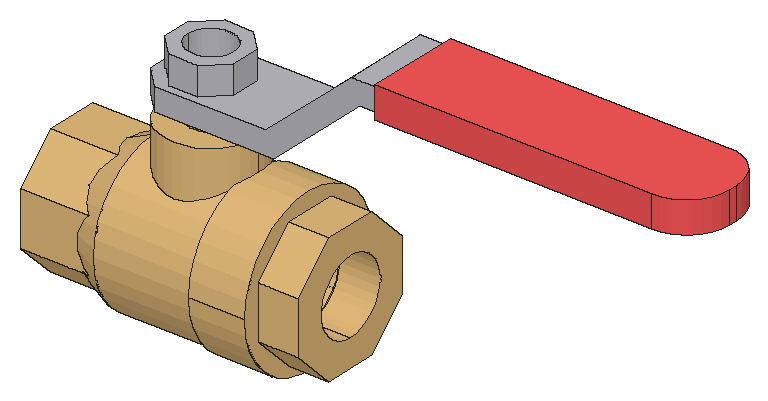
Revit family "420SSHK-Ball-Valve", category Pipe Accessories, Revit 2018
Family settings
  Round Connector Dimension = Use Diameter
  Part Type = Valve - Breaks Into
  OmniClass Number = 23.60.30.11.14
  OmniClass Title = Pipework Fittings
  Work Plane-Based = No
  Always vertical = Yes
  Cut with Voids When Loaded = No
  Shared = No
Parameters
  Weight [instance] = size_lookup(LookupTable, "Weight", "NA", Nominal Diameter)  # "0.3 lbs."
  URL = "http://www.fnw.com"
  Standards Lookup Table = "Standards"  # constant formula
  Product ID [instance] = size_lookup(LookupTable, "ProductID", "NA", Nominal Diameter)  # "989144"
  Pipe Diameter [instance] = size_lookup(Standards Lookup Table, "pipe_dia", 0", Nominal Diameter)  # 0.54"
  Part Number [instance] = size_lookup(LookupTable, "PartNumber", "NA", Nominal Diameter)  # "FNW420B"
  PIpe Radius [instance] = Pipe Diameter / 2  # 0.27"
  NPT Insert [instance] = size_lookup(Standards Lookup Table, "NPT_insert", 0", Nominal Diameter)  # 0.4018"
  Manufacturer = "FNW"  # constant formula
  Description BOM [instance] = size_lookup(LookupTable, "Description_BOM", "NA", Nominal Diameter)  # "Not For Potable Use 1/4 Brass 600# WOG Threaded 2PC"
  1_Z2 [instance] = size_lookup(LookupTable, "1_Z2", 0", Nominal Diameter)  # 0.1644"
  1_Z1 [instance] = size_lookup(LookupTable, "1_Z1", 0", Nominal Diameter)  # 0.5606"
  Z3 [instance] = size_lookup(LookupTable, "Z3", 0", Nominal Diameter)  # 13/64"
  Z2 [instance] = size_lookup(LookupTable, "Z2", 0", Nominal Diameter)  # 0.925"
  Z1 [instance] = size_lookup(LookupTable, "Z1", 0", Nominal Diameter)  # 0.8"
  1_Y1 [instance] = size_lookup(LookupTable, "1_Y1", 0", Nominal Diameter)  # 5/8"
  1_X4 [instance] = size_lookup(LookupTable, "1_X4", 0", Nominal Diameter)  # 0.5094"
  1_X1 [instance] = size_lookup(LookupTable, "1_X1", 0", Nominal Diameter)  # 1.0188"
  1_X3 [instance] = size_lookup(LookupTable, "1_X3", 0", Nominal Diameter)  # 3.78"
  X7 [instance] = size_lookup(LookupTable, "X7", 0", Nominal Diameter)  # 1.01"
  X5 [instance] = size_lookup(LookupTable, "X5", 0", Nominal Diameter)  # 0.30135"
  X4 [instance] = size_lookup(LookupTable, "X4", 0", Nominal Diameter)  # 0.404"
  X3 [instance] = size_lookup(LookupTable, "X3", 0", Nominal Diameter)  # 0.71085"
  X2 [instance] = size_lookup(LookupTable, "X2", 0", Nominal Diameter)  # 0.202"
  1_X2 [instance] = size_lookup(LookupTable, "1_X2", 0", Nominal Diameter)  # 0.5606"
  X1 [instance] = size_lookup(LookupTable, "X1", 0", Nominal Diameter)  # 0.4018"
  Show Lever Clearance [instance] = no
  R3 [instance] = size_lookup(LookupTable, "R3", 0", Nominal Diameter)  # 0.58125"
  R2 [instance] = size_lookup(LookupTable, "R2", 0", Nominal Diameter)  # 0.558"
  R1_Diam [instance] = R1 * 2  # 0.93"
  R1 [instance] = size_lookup(LookupTable, "R1", 0", Nominal Diameter)  # 0.465"
  Nominal Radius [instance] = Nominal Diameter / 2  # 1/8"
  Nominal Diameter [instance] = 1/4"
  LookupTable = "420SSHK-Ball-Valve"  # constant formula
  HexAngle1 [instance] = 135.00°
  D3 [instance] = size_lookup(LookupTable, "D3", 0", Nominal Diameter)  # 1/2"
  D2 [instance] = size_lookup(LookupTable, "D2", 0", Nominal Diameter)  # 5/16"
  D1 [instance] = size_lookup(LookupTable, "D1", 0", Nominal Diameter)  # 0.69"
Reference planes (in)
  plane 1 "Center (Front/Back)": y = 0
  plane 2: z = 0
  plane 3 "Center (Left/Right)": x = 0
  plane 4 "X7 End": x = -1.01
  plane 5 "D1 Top": z = 0.8
  plane 6 "D2 Top": z = 0.925
  plane 7: x = -0.6082
  plane 8: x = -0.4062
  plane 9: x = 0.30465
  plane 10 "Face EXT": x = 0.70865
  plane 11: x = 1.01
  plane 12 "R3 Top": z = 0.58125
  plane 13 "R2 Top": z = 0.558
  plane 14 "R1 Top": z = 0.465
  plane 15: x = 1.14
  plane 16 "Pipe radius": z = 0.27
  plane 17 "NPT": x = -0.6082
  plane 18 "NPT 2": x = 0.6082
Forms (in)
  Extrusion 1, solid, material "Brass"
    sketch origin (0, 0, 0) x (1, 0, 0) y (0, 1, 0)
      loop
        circle (0, 0) r 0.15625
    from 0.8 to 0.925
  Revolve 2, solid, material "Brass"
    sketch origin (0, 0, 0) x (1, 0, 0) y (0, 0, 1)
      loop
        line (-0.6082, 0.465) -> (-0.6082, 0.27) -> (0.30465, 0.27) -> (0.30465, 0.558) -> (-0.4062, 0.558) -> (-0.6082, 0.465)
      axis (0.30465, 0) -> (-0.6082, 0)
    angle from 0 to 360
  Sweep 3, solid, material "Brass"
    path origin (0, 0, 0) x (1, 0, 0) y (0, 0, 1)
      loop
        line (-1.01, 0) -> (1.01, 0)
    profile origin (0, 0, 0) x (0, 0, 1) y (0, -1, 0)
      loop
        circle (0, 0) r 0.27
      loop
        line (0.19261, 0.465) -> (-0.19261, 0.465) -> (-0.465, 0.19261) -> (-0.465, -0.19261) -> (-0.19261, -0.465) -> (0.19261, -0.465) -> (0.465, -0.19261) -> (0.465, 0.19261) -> (0.19261, 0.465)
  Extrusion 4, solid, material "Brass"
    sketch origin (0, 0, 0) x (0, 1, 0) y (0, 0, 1)
      loop
        circle (0, 0) r 0.58125
      loop
        circle (0, 0) r 0.27
    from 0.30465 to 0.70865
  Extrusion 5, solid, material "Brass"
    sketch origin (0, 0, 0.27) x (-1, 0, 0) y (0, -1, 0)
      loop
        circle (0, 0) r 0.345
    from 0 to 0.53
  Extrusion 6, solid, material "Brass", not visible
    sketch origin (-0.6082, 0, 0) x (0, 0, 1) y (0, -1, 0)
      loop
        circle (0, 0) r 0.125
    from 0 to 1.2164
Dimensions and locks (in)
  "X7": plane 4 "X7 End" to plane 3 "Center (Left/Right)"
  "Z1": plane 5 "D1 Top" to plane 2
  "Z2": plane 6 "D2 Top" to plane 2
  "X1": plane 4 "X7 End" to plane 7
  "X2": plane 8 to plane 7
  "X3": plane 9 to plane 8
  "X4": plane 10 "Face EXT" to plane 9
  "X5": plane 11 to plane 10 "Face EXT"
  "R3": plane 12 "R3 Top" to plane 2
  "R2": plane 13 "R2 Top" to plane 2
  "R1": plane 14 "R1 Top" to plane 2
  "PIpe Radius": Revolve 2 sketch curve to plane 2
  equal spacing: Sweep 3 sketch curve, plane 1 "Center (Front/Back)", Sweep 3 sketch curve  (x4)
  "R1_Diam": Sweep 3 sketch curve to Sweep 3 sketch curve  (x4)
  Sweep 3 to Sweep 3 = 0.93"  (x5)
  "R1_Diam": Sweep 3 to Sweep 3  (x4)
  "PIpe Radius": plane 16 "Pipe radius" to plane 2
  "NPT Insert": plane 4 "X7 End" to plane 17 "NPT"
  "NPT Insert": plane 11 to plane 18 "NPT 2"
  "D2": diameter of Extrusion 1 sketch curve
  "R3": radius of Extrusion 4 sketch curve
  "PIpe Radius": radius of Extrusion 4 sketch curve
  "PIpe Radius": radius of Sweep 3 sketch curve
  radius of Sweep 3 sketch curve = 0.27"
  "D1": diameter of Extrusion 5 sketch curve
  "Nominal Radius": radius of Extrusion 6 sketch curve
  angle Sweep 3 sketch curve to Sweep 3 sketch curve = 135.00°  (x6)
  angle Sweep 3 to Sweep 3 = 135.00°  (x6)
  aligned and locked: plane 2 to level
  aligned and locked: Extrusion 1 to plane 5 "D1 Top"
  aligned and locked: plane 6 "D2 Top" to Extrusion 1
  aligned and locked: Revolve 2 sketch curve to plane 13 "R2 Top"
  aligned and locked: plane 7 to Revolve 2 sketch curve
  aligned and locked: Extrusion 4 to plane 9
  aligned and locked: plane 10 "Face EXT" to Extrusion 4
  aligned and locked: Sweep 3 sketch curve to level
  aligned and locked: plane 5 "D1 Top" to Extrusion 5
  aligned and locked: plane 18 "NPT 2" to Extrusion 6
Automatic sketch dimensions
  plane 4 "X7 End" to Sweep 3 sketch curve = 0"
  Sweep 3 sketch curve to plane 11 = 0"
  plane 1 "Center (Front/Back)" to Extrusion 1 sketch curve = 0"
  Extrusion 1 sketch curve to plane 3 "Center (Left/Right)" = 0"
  Revolve 2 sketch curve to level = 0"
  Revolve 2 sketch curve to plane 8 = 0"
  Revolve 2 sketch curve to plane 9 = 0"
  Revolve 2 sketch curve to plane 14 "R1 Top" = 0"
  plane 4 "X7 End" to Revolve 2 sketch curve = 1.81248"
  plane 15 to Revolve 2 sketch curve = 4.59422"
  Sweep 3 sketch curve to plane 1 "Center (Front/Back)" = 0"
  profile plane to Sweep 3 sketch curve = 0"
  Extrusion 4 sketch curve to Extrusion 4 sketch curve = 0"  (x2)
  Extrusion 4 sketch curve to level = 0"
  Extrusion 4 sketch curve to plane 1 "Center (Front/Back)" = 0"
  plane 1 "Center (Front/Back)" to Extrusion 5 sketch curve = 0"
  Extrusion 5 sketch curve to plane 3 "Center (Left/Right)" = 0"
  Extrusion 6 sketch curve to level = 0"
  Extrusion 6 sketch curve to plane 1 "Center (Front/Back)" = 0"
Nested families (in)
  nested 1: "Nested Lever Red" at (0, 0, 0.925), D3 <- "D3", 1_X1 <- "1_X1", 1_X2 <- "1_X2", 1_X3 <- "1_X3", 1_X4 <- "1_X4", 1_Y1 <- "1_Y1", 1_Z1 <- "1_Z1", 1_Z2 <- "1_Z2", Show Lever Clearance <- "Show Lever Clearance", Z3 <- "Z3", type "Nested Lever Red"
    with Z3 13/64", Void_Outer_Radius 3/8", Void_Outer 3/4", Show Lever Clearance no, Grip_L3 0.2269", Grip_L2 0.19565", Grip_L1 1/32", D3_Half 0.16667", D3 1/2", Clearance Hieght 6", Angle Hex Head 135.00°, 1_Z2 0.1644", 1_Z1 0.5606", 1_Y1_Half 5/16", 1_Y1 5/8", 1_X4 0.5094", 1_X3_and_1__Y1_Half 4.0925", 1_X3 3.78", 1_X2 0.5606", 1_X1 1.0188"
Connectors (in)
  piping at (-0.6082, 0, 0), diameter 0.25, driven by "Nominal Diameter"
    settings: on Extrusion 6, index 1, connector inside diameter 24", connector length 0", flow factor 0, pipe flow 0 GPM, pressure drop 0.00 psi, fitting loss kfactor 0, connector angle 0.00°, fixture units 0, engagement length 0", angle of deflection 0.00°, flow configuration 0, flow direction 0, fitting loss method 0, system type 7, joint type 0, gender type 0, connector reference index 2, connector utility 0, adjustable connector no, is connector primary yes, connector description ""
  piping at (0.6082, 0, 0), diameter 0.25, driven by "Nominal Diameter"
    settings: on Extrusion 6, index 2, connector inside diameter 24", connector length 0", flow factor 0, pipe flow 0 GPM, pressure drop 0.00 psi, fitting loss kfactor 0, connector angle 0.00°, fixture units 0, engagement length 0", angle of deflection 0.00°, flow configuration 0, flow direction 0, fitting loss method 0, system type 7, joint type 0, gender type 0, connector reference index 1, connector utility 0, adjustable connector no, is connector primary no, connector description ""
Definition of nested family "Nested Lever Red"
  Parameters (values of type "Nested Lever Red")
    Z3 [instance] = 1/8"
    Angle 2 = 45.00°
    1_Z2 [instance] = 1/8"
    1_Z1 [instance] = 1 1/4"
    1_Y1_Half [instance] = [1_Y1] / 2  # 1"
    1_Y1 [instance] = 2"
    1_X1 [instance] = 2 1/2"
    1_X3_and_1__Y1_Half [instance] = [1_X3] + [1_Y1_Half]  # 13.66198"
    1_X3 [instance] = 12.66198"
    1_X2 [instance] = 1 1/2"
    Void_Outer_Radius [instance] = Void_Outer / 2  # 1 1/16"
    Void_Outer [instance] = [1_Y1] + Grip_L1 * 4  # 2 1/8"
    Show Lever Clearance [instance] = yes
    Grip_L3 [instance] = Grip_L1 + Grip_L2  # 3/16"
    Grip_L1 [instance] = 1/32"  # constant formula
    Grip_L2 [instance] = [1_Z2] + Grip_L1  # 5/32"
    Default Elevation = 48"
    D3_Half [instance] = D3 / 3  # 0.23251"
    D3 [instance] = 0.69752"
    Clearance Hieght [instance] = 6"  # constant formula
    Angle Hex Head [instance] = 135.00°
    1_X4 [instance] = 0"
  Reference planes (in)
    plane 1 "Center (Front/Back)": y = 0
    plane 2: z = 0
    plane 3 "Center (Left/Right)": x = 0
    plane 4: z = 0.125
    plane 5: x = -1
    plane 6: x = 12.66198
    plane 7: y = 1
    plane 8: y = -1
    plane 9: x = 1.5
    plane 10: x = 3
    plane 11: z = 1.375
    plane 12: z = 1.25
    plane 13: z = 0.25
    plane 14: z = 1.40625
    plane 15: z = 1.21875
    plane 16: x = 3.15625
    plane 17: y = 1.03125
    plane 18: y = -1.03125
  Forms (in)
    Extrusion 1, solid
      sketch origin (0, 0, 0) x (1, 0, 0) y (0, 1, 0)
        loop
          line (-48, 48) -> (-48, -48) -> (48, -48) -> (48, 48) -> (-48, 48)
      from 0 to -12
    Extrusion 2, solid
      sketch origin (0, 0, 0) x (1, 0, 0) y (0, 0, 1)
        loop
          line (1.30132, 0) -> (1.5, 0) -> (3.04425, 1.25) -> (4.15625, 1.25) -> (4.15625, 1.375) -> (3, 1.375) -> (1.30132, 0)
      from -1 to 1
    Extrusion 3, solid
      sketch origin (0, 0, 0) x (1, 0, 0) y (0, 1, 0)
        loop
          line (0.34876, 0.14446) -> (0.14446, 0.34876) -> (-0.14446, 0.34876) -> (-0.34876, 0.14446) -> (-0.34876, -0.14446) -> (-0.14446, -0.34876) -> (0.14446, -0.34876) -> (0.34876, -0.14446) -> (0.34876, 0.14446)
        loop
          circle (0, 0) r 0.23251
      from 0.125 to 0.25
    Extrusion 4, solid
      sketch origin (0, 0, 0) x (1, 0, 0) y (0, 1, 0)
        loop
          line (11.66198, 1.03125) -> (3.15625, 1.03125) -> (3.15625, -1.03125) -> (11.66198, -1.03125)
          arc (11.66198, -1.03125) -> (12.36908, -0.73836) -> (12.66198, -0.03125) r 1
          line (12.66198, -0.03125) -> (12.66198, 0.03125)
          arc (12.66198, 0.03125) -> (12.36908, 0.73836) -> (11.66198, 1.03125) r 1
      from 1.21875 to 1.40625
    Extrusion 5, solid, visible <- "Show Lever Clearance"
      sketch origin (0, 0, 0) x (1, 0, 0) y (0, 1, 0)
        loop
          line (-1, 1) -> (-1, -12.66198)
          arc (-1, -12.66198) -> (8.66048, -8.66048) -> (12.66198, 1) r 13.66198
          line (12.66198, 1) -> (-1, 1)
      from 0 to 6 <- "Clearance Hieght"
    Extrusion 6, solid
      sketch origin (0, 0, 0) x (1, 0, 0) y (0, 1, 0)
        loop
          line (1.5, -1) -> (1.5, 1) -> (-0.5, 1) -> (-1, 0.5) -> (-1, -0.5) -> (-0.5, -1) -> (1.5, -1)
      from 0 to 0.125
  Cuts and joins
    joined: Extrusion 2, Extrusion 6
  Lines and regions (in)
    reference lines
      curve 1: line (0, 0, 3.375) -> (0, 0, -1.625)
  Dimensions and locks (in)
    "1_Z2": plane 4 to plane 2
    "1_Y1_Half": plane 3 "Center (Left/Right)" to plane 5
    "1_X3": plane 6 to plane 3 "Center (Left/Right)"
    equal spacing: plane 7, plane 1 "Center (Front/Back)", plane 8
    "1_Y1": plane 7 to plane 8
    "1_X1": plane 9 to plane 5
    "1_X2": plane 10 to plane 9
    "1_Z1": plane 11 to plane 4
    "1_Z2": plane 11 to plane 12
    equal spacing: Extrusion 3 sketch curve, curve 1, Extrusion 3 sketch curve  (x4)
    "D3": Extrusion 3 sketch curve to Extrusion 3 sketch curve  (x4)
    "Z3": plane 13 to plane 4
    "Grip_L1": plane 14 to plane 11
    "Grip_L2": plane 11 to plane 15
    "Grip_L2": plane 16 to plane 10
    "Grip_L1": plane 8 to plane 18
    "Grip_L1": plane 17 to plane 7
    "1_Y1_Half": plane 16 to Extrusion 2
    "1_X3_and_1__Y1_Half": Extrusion 5 sketch curve to Extrusion 5 sketch curve  (x2)
    equal spacing: Extrusion 6 sketch curve, plane 1 "Center (Front/Back)", Extrusion 6 sketch curve
    "1_Y1_Half": Extrusion 6 sketch curve to Extrusion 6 sketch curve
    "1_Z2": Extrusion 2 sketch curve to Extrusion 2 sketch curve
    "D3_Half": radius of Extrusion 3 sketch curve
    "1_Y1_Half": radius of Extrusion 4 sketch curve  (x2)
    "1_X3_and_1__Y1_Half": radius of Extrusion 5 sketch curve
    "Angle Hex Head": angle Extrusion 3 sketch curve to Extrusion 3 sketch curve  (x6)
    "Angle 2": angle plane 5 to Extrusion 6 sketch curve
    "Angle 2": angle Extrusion 6 sketch curve to plane 5
    aligned and locked: plane 2 to Extrusion 1
    aligned and locked: level to Extrusion 1
    aligned and locked: plane 10 to Extrusion 2 sketch curve
    aligned and locked: plane 12 to Extrusion 2 sketch curve
    aligned and locked: plane 11 to Extrusion 2 sketch curve
    aligned and locked: curve 1 to plane 3 "Center (Left/Right)"
    aligned and locked: plane 4 to Extrusion 3
    aligned and locked: Extrusion 3 to plane 13
    aligned and locked: Extrusion 4 sketch curve to plane 16
    aligned and locked: Extrusion 4 sketch curve to plane 18
    aligned and locked: plane 17 to Extrusion 4 sketch curve
    aligned and locked: Extrusion 4 to plane 15
    aligned and locked: Extrusion 4 to plane 14
    aligned and locked: Extrusion 2 to plane 8
    aligned and locked: plane 7 to Extrusion 2
    aligned and locked: plane 9 to Extrusion 6 sketch curve
    aligned and locked: Extrusion 6 sketch curve to plane 5
    aligned and locked: Extrusion 6 to plane 4
  Automatic sketch dimensions
    Extrusion 1 sketch curve to Extrusion 1 sketch curve = 96"  (x2)
    curve 1 to level = 1 5/8"
    curve 1 to plane 11 = 2"
    Extrusion 2 sketch curve to level = 0"
    Extrusion 2 sketch curve to plane 9 = 0"
    plane 16 to Extrusion 2 sketch curve = 1"
    plane 1 "Center (Front/Back)" to Extrusion 3 sketch curve = 0"
    Extrusion 3 sketch curve to plane 3 "Center (Left/Right)" = 0"
    Extrusion 4 sketch curve to plane 6 = 0"
    Extrusion 5 sketch curve to plane 5 = 0"
    Extrusion 5 sketch curve to plane 7 = 0"
    Extrusion 6 sketch curve to plane 8 = 0"
    Extrusion 6 sketch curve to plane 7 = 0"
